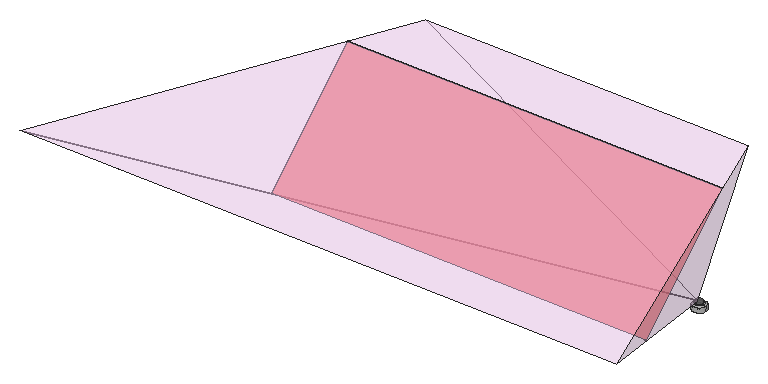
Revit family "Camera-Security-Panasonic-Super_Dynamic-Vandal_Resistant-Waterproof-Dome-Network-S2570LSeriesX", category Security Devices, host Face, Revit 2016
Family settings
  Host = Face
  Maintain Annotation Orientation = No
  Part Type = Normal
  Round Connector Dimension = Use Diameter
  OmniClass Number = 23.85.10.14.11
  OmniClass Title = Cameras
  Cut with Voids When Loaded = No
  Shared = No
  Room Calculation Point = No
Parameters (values of type "WV-S2570L")
  z Zero = 0.000"  # constant formula
  z Yaw Actual [instance] = if(and(On Wall, not(On Ceiling)), Yaw Actual, Yaw Actual + 180.00°)  # 180.00°
  z VV Viewpoint Depth Min = 1.28295"
  z VV Viewpoint Depth Max = 1.28295"
  z VV Viewpoint Depth [instance] = (z VV Viewpoint Depth Max - z VV Viewpoint Depth Min) * z HFOV Ratio + z VV Viewpoint Depth Min  # 1.28295"
  z VV Origin Horizontal Offset [instance] = 0.000"
  z VV Origin HeightX [instance] = 2.42126"  # constant formula
  z VV Origin Height [instance] = if(z Decoration Cover Visible, z Embedded Bottom Offset + z VV Origin HeightX, if(z Base Bracket Visible, z VV Origin HeightX + Base Bracket Height, z VV Origin HeightX))  # 2.42126"
  z VV Origin Angle [instance] = 0.00°
  z Tilt Actual [instance] = Tilt Actual  # 45.00°
  z Pan Actual Safe [instance] = if(Pan Actual = -180.00°, 180.00°, Pan Actual)  # 0.00°
  z Pan Actual [instance] = Pan Actual  # 0.00°
  z Level Offset = 7.87402"  # constant formula
  z HFOV Ratio [instance] = (Horizontal FOV Actual - Horizontal FOV Min) / (Horizontal FOV Max - Horizontal FOV Min)  # 0.16327
  z Dome Radius = Dome Diameter / 2  # 1.65354"
  z Decoration Cover Visible [instance] = Set with Decoration Cover  # no
  z Const Yaw Handle Length = 9.25197"  # constant formula
  z Const Yaw Base2 Length = 17.32283"  # constant formula
  z Const Yaw Base Length = 10.23622"  # constant formula
  z Const Tilt Handle Length = 11.81102"  # constant formula
  z Const Tilt Base2 Length = 19.68504"  # constant formula
  z Const Tilt Base Length = 9.84252"  # constant formula
  z Const Pan Handle Length = 19.48819"  # constant formula
  z Embedded Bottom Offset = -1.68504"
  z Camera Type = 1
  z Camera Top Height [instance] = if(z Decoration Cover Visible, z Level Offset + Base Height + z Embedded Bottom Offset, if(z Base Bracket Visible, z Level Offset + z Camera Bottom Offset + Base Height, z Level Offset + Base Height))  # 10.07874"
  z Camera Radius2 = z Camera Radius * 0.7  # 2.11899"
  z Camera Radius = 3.02714"
  z Camera Center Offset [instance] = 0.000"
  z Camera Bottom Offset [instance] = Base Bracket Height  # 1.41732"
  z Camera Bottom Height [instance] = if(z Base Bracket Visible, z Level Offset + z Camera Bottom Offset, z Level Offset)  # 7.87402"
  z Camera Angle [instance] = 90.00°
  z Base Visible [instance] = not(z Decoration Cover Visible)  # yes
  z Base Bracket Visible [instance] = and(z Camera Type = 1, Has Base Bracket, not(z Decoration Cover Visible))  # no
  WQHD = Resolution : WQHD
  Resolution [instance] = Resolution : HD
  HD = Resolution : HD
  Full HD = Resolution : Full HD
  Decoration Cover Radius = 4.13976"
  Decoration Cover Wall Height = 0.11811"  # constant formula
  Decoration Cover Hole Radius = 1.634"
  Decoration Cover Height = 0.51969"
  4K = Resolution : 4K
  Base Radius = 3.0315"
  z Dome Offset [instance] = 2.20472"
  Yawing Range = "-100 to +100"  # constant formula
  Yaw Min = -100.00°  # constant formula
  Yaw Max = 100.00°  # constant formula
  Yaw Desired [instance] = 0.00°
  Yaw Actual [instance] = if(Yaw Desired > Yaw Max, Yaw Max, if(Yaw Desired < Yaw Min, Yaw Min, Yaw Desired))  # 0.00°
  Wide Dynamic Range = yes
  Weight [instance] = 3.53 lbf
  Water and Dust Resistance = "IP66 (IEC60529), Type 4X(UL50E), NEMA 4X compliant"
  Voltage DC = 12 V  # constant formula
  Vertical FOV Min [instance] = if(and(Aspect Ratio 4_3, not(Aspect Ratio 16_9)), VFOV Min 43, VFOV Min 169)  # 29.00°
  Vertical FOV Max [instance] = if(and(Aspect Ratio 4_3, not(Aspect Ratio 16_9)), VFOV Max 43, VFOV Max 169)  # 55.00°
  Vertical FOV Actual [instance] = z HFOV Ratio * (Vertical FOV Max - Vertical FOV Min) + Vertical FOV Min  # 33.2449°
  Vandal Resistant = yes
  VFOV Min 43 = VFOV Min 169  # 29.00°
  VFOV Min 169 = 29.00°  # constant formula
  VFOV Max 43 = VFOV Max 169  # 55.00°
  VFOV Max 169 = 55.00°  # constant formula
  URL = "http://security.panasonic.com/pss/security/"
  Tilting Range = "-30 to +85"  # constant formula
  Tilt Min = -30.00°  # constant formula
  Tilt Max = 85.00°  # constant formula
  Tilt Desired [instance] = 45.00°
  Tilt Actual [instance] = if(Tilt Desired > Tilt Max, Tilt Max, if(Tilt Desired < Tilt Min, Tilt Min, Tilt Desired))  # 45.00°
  Storage Temperature = Operational Temperature  # "-40 °F to 140 °F"
  Show View Volume [instance] = yes
  Shock Resistance = "50J (IEC 60068-2-75 compliant), IK10 (IEC 62262)"
  Set with Decoration Cover [instance] = no
  Regulatory Compliance = "UL (UL60950-1), c-UL (CSA C22.2 No.60950-1), CE, IEC60950-1, FCC (Part15 ClassA), ICES003 ClassA, EN55032 ClassB, EN55024"
  Provide Feedback = "https://www.surveymonkey.com/s/95FL6QY"
  Product Page URL = "https://security.panasonic.com/products_technology/products/wv-s2570l/"
  Product Material = Paint - Panasonic - Light Gray
  Product Documentation Link = "https://bizpartner.panasonic.net/public/sites/all/modules/panasonic/mypdfurl/pdf.js/web/viewer.html?file=/public/system/files/files/fields/field_file/psd/2019/04/26/WV-S2570L_2A-225AA_1556238318.2655.pdf"
  Power Active = 10.6 W
  Part Number = Model  # "WV-S2570L"
  Part Description = Description  # "Security Camera, Fixed Dome, Network, Super Dynamic  Vandal Resistant  Weatherproof, 4K, WV-S2570L"
  Panning Range = "-180 to +180"
  Pan Min = -180.00°
  Pan Max = 180.00°
  Pan Desired [instance] = 0.00°
  Pan Actual [instance] = if(Pan Desired > Pan Max, Pan Max, if(Pan Desired < Pan Min, Pan Min, Pan Desired))  # 0.00°
  PPM Desired [instance] = 300
  PPM Actual [instance] = if(PPM Desired > 1, PPM Desired, 1)  # 300
  Original Creation Date = "2019/05/14"
  Operational Temperature = "-40 °F to 140 °F"
  Operational Humidity = "10 to 100 % (no condensation)"
  On Wall [instance] = no
  On Ceiling [instance] = yes
  Mounting Positions = "Mount Dependent or Surface Mount"
  Model Disclaimer = "Contact Panasonic for more information"  # constant formula
  Model = "WV-S2570L"
  Minimum Illumination = 0.090 lx  # constant formula
  Manufacturer = "Panasonic"  # constant formula
  Indoor Or Outdoor = "Outdoor"
  IP Or Analog = "IP"  # constant formula
  Horizontal Resolution Actual [instance] = if(and(Aspect Ratio 4_3, not(Aspect Ratio 16_9)), Horizontal Resolution 43, Horizontal Resolution 169)  # 1280
  Horizontal Resolution 43 [instance] = Horizontal Resolution 169  # 1280
  Horizontal Resolution 169 [instance] = if(Resolution = [4K], 3840, if(Resolution = WQHD, 2560, if(Resolution = Full HD, 1920, if(Resolution = HD, 1280, 3840))))  # 1280
  Horizontal FOV Min [instance] = if(and(Aspect Ratio 4_3, not(Aspect Ratio 16_9)), HFOV Min 43, HFOV Min 169)  # 52.00°
  Horizontal FOV Max [instance] = if(and(Aspect Ratio 4_3, not(Aspect Ratio 16_9)), HFOV Max 43, HFOV Max 169)  # 101.00°
  Horizontal FOV Desired [instance] = 60.00°
  Horizontal FOV Actual [instance] = if(Horizontal FOV Desired > Horizontal FOV Max, Horizontal FOV Max, if(Horizontal FOV Desired < Horizontal FOV Min, Horizontal FOV Min, Horizontal FOV Desired))  # 60.00°
  Height = 5.47244"
  Has POE = yes
  Has Base Bracket [instance] = no
  HFOV Min 43 = HFOV Min 169  # 52.00°
  HFOV Min 169 = 52.00°  # constant formula
  HFOV Max 43 = HFOV Max 169  # 101.00°
  HFOV Max 169 = 101.00°  # constant formula
  Family Version = "1.0.0"  # constant formula
  Equipment Number [instance] = ""
  Equipment Abbreviation = "SC"
  Dome Diameter = 3.30709"
  Dome Bottom Offset = 0.19685"
  Distance to Screen [instance] = 393.70079"
  Distance to PPM Target [instance] = if(PPM Actual = 0, 0.000", 39.37008" * Horizontal Resolution Actual / (PPM Actual * 2 * tan(Horizontal FOV Actual / 2)))  # 145.47408"
  Distance to Floor [instance] = 118.11024"
  Distance to Ceiling [instance] = 0.000"
  Diameter = 6.45669"
  Description = "Security Camera, Fixed Dome, Network, Super Dynamic  Vandal Resistant  Weatherproof, 4K, WV-S2570L"
  Default Elevation = 0.000"
  Day Or Night = "Yes"  # constant formula
  Date Last Modified = "2019/05/14"
  Copyright = "Copyright © Panasonic"  # constant formula
  Communication Ports = "10Base-T / 100Base-TX, RJ45 connector"  # constant formula
  Base Bracket Height = 1.41732"
  Base Height = 2.20472"
  Audio Out = "Yes"  # constant formula
  Audio In = "Yes"  # constant formula
  Aspect169 = yes
  Aspect Ratio 4_3 [instance] = not(Aspect169)  # no
  Aspect Ratio 16_9 [instance] = Aspect169  # yes
  Angle Of View = "101"
  Alarm Input Or Output Specification = "ALARM IN 1(Alarm input 1/ Black & white input/ Auto time adjustment input) (x1), ALARM IN 2 (Alarm input 2/ ALARM OUT) (x1) , ALARM IN 3 (Alarm input 3/ AUX OUT) (x1)"  # constant formula
  Accessory Part Number [instance] = if(and(Set with Decoration Cover, z Camera Type = 0), "WV-Q174B", if(and(Set with Decoration Cover, z Camera Type = 1), "WV-Q169A", "Select a Mounting Option"))  # "Select a Mounting Option"
Types (2): name | z VV Viewpoint Depth Min | z VV Viewpoint Depth Max | z VV Viewpoint Depth | z Dome Radius | z Embedded Bottom Offset | z Camera Type | z Camera Radius2 | z Camera Radius | Resolution | Decoration Cover Radius | Decoration Cover Hole Radius | Decoration Cover Height | Base Radius | Weight | Water and Dust Resistance | Storage Temperature | Shock Resistance | Product Page URL | Product Material | Product Documentation Link | Power Active | Part Number | Part Description | Panning Range | Pan Min | Pan Max | Operational Temperature | Operational Humidity | Mounting Positions | Model | Indoor Or Outdoor | Horizontal Resolution Actual | Horizontal Resolution 43 | Horizontal Resolution 169 | Height | Dome Diameter | Distance to PPM Target | Diameter | Description
  WV-S2570L | 1.28295" | 1.28295" | 1.28295" | 1.65354" | -1.68504" | 1 | 2.11899" | 3.02714" | Resolution : HD | 4.13976" | 1.634" | 0.51969" | 3.0315" | 3.53 lbf | "IP66 (IEC60529), Type 4X(UL50E), NEMA 4X compliant" | "-40 °F to 140 °F" | "50J (IEC 60068-2-75 compliant), IK10 (IEC 62262)" | "https://security.panasonic.com/products_technology/products/wv-s2570l/" | Paint - Panasonic - Light Gray | "https://bizpartner.panasonic.net/public/sites/all/modules/panasonic/mypdfurl/pdf.js/web/viewer.html?file=/public/system/files/files/fields/field_file/psd/2019/04/26/WV-S2570L_2A-225AA_1556238318.2655.pdf" | 10.6 W | "WV-S2570L" | "Security Camera, Fixed Dome, Network, Super Dynamic  Vandal Resistant  Weatherproof, 4K, WV-S2570L" | "-180 to +180" | -180.00° | 180.00° | "-40 °F to 140 °F" | "10 to 100 % (no condensation)" | "Mount Dependent or Surface Mount" | "WV-S2570L" | "Outdoor" | 1280 | 1280 | 1280 | 5.47244" | 3.30709" | 145.47408" | 6.45669" | "Security Camera, Fixed Dome, Network, Super Dynamic  Vandal Resistant  Weatherproof, 4K, WV-S2570L"
  WV-S2270L | 1.28244" | 1.28244" | 1.28244" | 1.63386" | -1.67323" | 0 | 1.78445" | 2.54921" | Resolution : 4K | 3.66142" | 1.63386" | 0.61811" | 2.54921" | 1.72 lbf | "N/A" | "14 °F to 122 °F" | "IK10 (IEC 62262)" | "https://security.panasonic.com/products_technology/products/wv-s2270l/documentation_database/" | Paint - Panasonic - Sail White | "https://bizpartner.panasonic.net/public/sites/all/modules/panasonic/mypdfurl/pdf.js/web/viewer.html?file=/public/system/files/files/fields/field_file/psd/2019/04/26/WV-S2270L_2A-226AA_1556238004.5315.pdf" | 9.2 W | "WV-S2270L" | "Security Camera, Fixed Dome, Network, Super Dynamic , 4K, WV-S2270L" | "-240 to +120" | -240.00° | 120.00° | "14 °F to 122 °F" | "10 to 90 % (no condensation)" | "Surface Mount" | "WV-S2270L" | "Indoor" | 3840 | 3840 | 3840 | 4.03543" | 3.26772" | 436.42225" | 5.09843" | "Security Camera, Fixed Dome, Network, Super Dynamic , 4K, WV-S2270L"
Reference planes (in)
  plane 1 "Center (Front/Back)": y = 0
  plane 2: z = 0
  plane 3 "Center (Left/Right)": x = 0
  plane 4 "Body Bottom": z = 0
  plane 5: y = 0
  plane 6 "Level Offset": z = -7.87402
  plane 7 "BP": z = 2.42126
  plane 8: z = 2.20472
  plane 9: z = 2.40157
  plane 10: z = 4.05512
Forms (in)
  Revolve 1, solid, material "Paint - Panasonic - Light Gray" <- "Product Material"
    sketch origin (0, 0, 0) x (0, 0, 1) y (1, 0, 0)
      loop
        line (0.00001, 3.02714) -> (0.00001, 0) -> (2.20472, 0) -> (2.20472, 2.11899) -> (1.70472, 2.87799) -> (0.00001, 3.02714)
      axis (2.20472, 0) -> (0.00001, 0)
    angle from 0 to 360
  Revolve 2, solid, material "Glass - Panasonic - Black"
    sketch origin (0, 0, 0) x (0, 1, 0) y (0, 0, 1)
      loop
        arc (1.65354, 2.40157) -> (1.16923, 3.57081) -> (0, 4.05512) r 1.65354
        line (0, 4.05512) -> (0, 2.20472) -> (1.65354, 2.20472) -> (1.65354, 2.40157)
      axis (0, 2.20472) -> (0, 4.05512)
    angle from 0 to 360
  Extrusion 3, solid
    sketch origin (0, 0, 0) x (1, 0, 0) y (0, 1, 0)
      loop
        circle (0, 0) r 0.3937
    from 0 to 0.3937
Lines and regions (in)
  reference lines
    curve 1: line (0, 0, 0) -> (0, 0, 2.20472)
    curve 2: line (0, -1, 10.89222) -> (0, 1, 10.89222)
  symbolic lines, not visible
    curve 3: line (-1.15, -2.6875, 0) -> (1.15, -2.6875, 0)
Dimensions and locks (in)
  "z Camera Center Offset": plane 5 to plane 1 "Center (Front/Back)"
  "z Level Offset": level to plane 6 "Level Offset"
  "z Camera Bottom Height": plane 4 "Body Bottom" to plane 6 "Level Offset"
  "z VV Origin Height": plane 7 "BP" to level
  "z Camera Top Height": plane 8 to plane 6 "Level Offset"
  "Dome Bottom Offset": plane 8 to plane 9
  "z Dome Radius": plane 10 to plane 9
  "z Camera Radius": Revolve 1 sketch curve to plane 3 "Center (Left/Right)"
  locked: Revolve 1 sketch curve to Revolve 1 sketch curve at 0.5
  "z Camera Radius2": Revolve 1 sketch curve to plane 3 "Center (Left/Right)"
  "z Dome Radius": radius of Revolve 2 sketch curve
  "z Camera Angle": angle curve 1 to plane 4 "Body Bottom"
  locked: Revolve 1 sketch curve to Revolve 1 sketch curve (angle 85.00°)
  aligned and locked: plane 2 to host face
  aligned and locked: level to host face
  aligned and locked: plane 5 to curve 1
  aligned and locked: nested 1 to plane 3 "Center (Left/Right)"
  aligned and locked: nested 1 to plane 1 "Center (Front/Back)"
  aligned and locked: plane 8 to Revolve 1 sketch curve
Automatic sketch dimensions
  host sketch curve to host sketch curve = 96.000"  (x2)
  curve 3 to plane 3 "Center (Left/Right)" = 1.150"
  plane 3 "Center (Left/Right)" to curve 3 = 1.150"
  curve 1 to curve 2 = 1.000"
  curve 1 to curve 2 = 8.6875"
  curve 2 to curve 1 = 1.000"
  plane 1 "Center (Front/Back)" to curve 3 = 2.6875"
  Revolve 2 sketch curve to plane 1 "Center (Front/Back)" = 0.000"
  Revolve 2 sketch curve to plane 9 = 0.000"
  plane 8 to Revolve 2 sketch curve = 0.000"
  Revolve 2 sketch curve to plane 10 = 0.000"
  plane 1 "Center (Front/Back)" to Extrusion 3 sketch curve = 0.000"
  Extrusion 3 sketch curve to plane 3 "Center (Left/Right)" = 0.000"
  curve 1 to level = 0.000"
  Revolve 1 sketch curve to plane 3 "Center (Left/Right)" = 0.000"  (x2)
  level to Revolve 1 sketch curve = 0.00001"
  Revolve 1 sketch curve to level = 0.45341"
  plane 7 "BP" to Revolve 1 sketch curve = 0.01657"
  radius of Extrusion 3 sketch curve = 0.3937"
Nested families (in)
  nested 1: "Camera-Security-Panasonic-ViewVolumePTYZ" at (0, 0, 2.42126), Viewpoint Depth <- "z VV Viewpoint Depth", Base Height Offset <- "z VV Origin Height", Base Angle Offset <- "z VV Origin Angle", Viewpoint Origin Horizontal Offset <- "z VV Origin Horizontal Offset", Yaw <- "Yaw Actual", Tilt <- "Tilt Actual", Pan <- "Pan Actual", HFOV <- "Horizontal FOV Actual", VFOV <- "Vertical FOV Actual", On Wall <- "On Wall", On Ceiling <- "On Ceiling", Screen Depth <- "Distance to Screen", Floor Distance <- "Distance to Floor", Ceiling Distance <- "Distance to Ceiling", Target Depth <- "Distance to PPM Target", visible <- "Show View Volume", type "Camera-Security-Panasonic-ViewVolumePTYZ"
    with z Yaw Actual 0.00°, z Void Width 1249.41651", z Void Thickness 397.405", z Void Height Start -624.70826", z Void Height End 624.70826", z Void Direction 0, z Void Angle 0.00°, z Viewpoint Depth 1.28295", z Tilt Actual 45.00°, z Target Width 167.979", z Target Visible yes, z Target Height 86.85956", z Target Depth 146.75704", z Screen Width 454.60651", z Screen Height 235.07057", z Screen Depth 394.98374", z Pan Actual 0.00°, z Floor Distance 118.11024", z Ceiling Distance 0.000", Yaw 0.00°, Viewpoint Origin Horizontal Offset 0.000", Viewpoint Depth 1.28295", VFOV 33.2449°, Tilt 45.00°, Target Depth 145.47408", Screen Depth 393.70079", Pan 0.00°, On Wall no, On Floor no, On Default Mount Type 0, On Ceiling yes, HFOV 60.00°, Floor Distance 118.11024", Ceiling Distance 0.000", Base Height Offset 2.42126", Base Angle Offset 0.00°
  nested 2: "Base Bracket" at (0, 0, 0), visible <- "z Base Bracket Visible", Base Bracket Height <- "Base Bracket Height", Visible <- "z Base Bracket Visible", Product Material <- "Product Material", type "Base Bracket"
    with Visible no, Product Material Paint - Panasonic - Light Gray, Inner Diameter 3.14961", Base Bracket Height 1.41732", Base Bracket Diameter 3.22835"
  nested 3: "Decoration Cover" at (0, 0, 0), visible <- "z Decoration Cover Visible", Product Material <- "Product Material", Decoration Cover Radius <- "Decoration Cover Radius", Decoration Cover Height <- "Decoration Cover Height", Hole Radius <- "Decoration Cover Hole Radius", Wall Height <- "Decoration Cover Wall Height", type "Decoration Cover"
    with Wall Height 0.11811", Top Ring Width 0.41398", Product Material Paint - Panasonic - Light Gray, Hole Radius 1.634", Decoration Cover Radius 4.13976", Decoration Cover Height 0.51969"
Connectors (in)
  electrical at (0, 0, 0), driven by "Power Active", driven by "Voltage DC"
    settings: on host face, index 3, voltage 12 V, apparent load 10.6 W, apparent load phase1 0.0 W, apparent load phase2 0.0 W, apparent load phase3 0.0 W, power factor 1, load classification "Other", number of poles 1, system type 30, power factor state 1, is connector primary yes, connector utility no, sub classification motor no, connector description "Electrical Connection"
  electrical at (0, 0, 0)
    settings: on Extrusion 3, index 5, voltage 0 V, apparent load 0.0 W, apparent load phase1 0.0 W, apparent load phase2 0.0 W, apparent load phase3 0.0 W, power factor 1, load classification "Other", number of poles 1, system type 5, power factor state 1, is connector primary no, connector utility no, sub classification motor no, connector description "Data Connection"
Definition of nested family "Camera-Security-Panasonic-ViewVolumePTYZ"
  Parameters
    z Yaw Actual [instance] = if(Yaw < 0.00°, 360.00° - (abs(Yaw) - rounddown(abs(Yaw) / 360.00°) * 360.00°), Yaw - rounddown(Yaw / 360.00°) * 360.00°)  # 0.00°
    z Void Width [instance] = if(z Screen Width > z Screen Height, z Screen Width, z Screen Height) + abs(Viewpoint Origin Horizontal Offset) + z Void Thickness * 2  # 1265.63013"
    z Void Thickness [instance] = z Screen Depth + abs(Base Height Offset)  # 405.51181"
    z Void Height Start [instance] = -z Void Width / 2  # -632.81507"
    z Void Height End [instance] = z Void Width / 2  # 632.81507"
    z Void Direction [instance] = if((if(On Wall, 1, 0) + if(On Floor, 1, 0) + if(On Ceiling, 1, 0)) = 1, if(On Ceiling, 0, if(On Wall, 1, 2)), On Default Mount Type)  # 0
    z Viewpoint Depth [instance] = if(Viewpoint Depth < 0.03937", 0.03937", Viewpoint Depth)  # 5.90551"
    z Tilt Actual [instance] = if(Tilt < 0.00°, 360.00° - (abs(Tilt) - rounddown(abs(Tilt) / 360.00°) * 360.00°), Tilt - rounddown(Tilt / 360.00°) * 360.00°)  # 45.00°
    z Target Visible [instance] = not(Screen Depth < Target Depth)  # yes
    z Target Thickness Start = -z Target Thickness / 2  # -0.03937"
    z Target Thickness End = z Target Thickness / 2  # 0.03937"
    z Target Depth [instance] = Target Depth + Viewpoint Depth  # 84.64567"
    z Pan Actual [instance] = if(Pan < 0.00°, 360.00° - (abs(Pan) - rounddown(abs(Pan) / 360.00°) * 360.00°), Pan - rounddown(Pan / 360.00°) * 360.00°)  # 0.00°
    z Floor Distance [instance] = if(z Void Direction = 2, if(Floor Distance < 0.000", 0.000", Floor Distance), if(Floor Distance < 0.3937", 0.3937", Floor Distance))  # 118.11024"
    z Const Yaw Base2 Length = 17.32283"  # constant formula
    z Const Tilt Base2 Length = 19.68504"  # constant formula
    z Ceiling Distance [instance] = if(z Void Direction = 2, if(Ceiling Distance < 0.3937", 0.3937", Ceiling Distance), if(Ceiling Distance < 0.000", 0.000", Ceiling Distance))  # 0.000"
    z Const Void Handle Length = 23.62205"  # constant formula
    z Void Angle [instance] = if(z Void Direction = 0, 0.00° + Base Angle Offset, if(z Void Direction = 1, 90.00° + Base Angle Offset, 180.00° + Base Angle Offset))  # 0.00°
    z Screen Depth [instance] = if(Screen Depth < 3.93701", 3.93701" + Viewpoint Depth, Screen Depth + Viewpoint Depth)  # 399.6063"
    Original Creation Date = "September, 15, 2016"  # constant formula
    On Default Mount Type [instance] = 0
    Manufacturer = "Panasonic"  # constant formula
    Family Version = "1.0.0"  # constant formula
    Default Elevation = 48.000"
    Date Last Modified = "September, 15, 2016"  # constant formula
    Copyright = "Copyright © Panasonic"  # constant formula
    Base Height Offset [instance] = 5.90551"
    Base Angle Offset [instance] = 0.00°
    z Viewpoint Width = 0.03937"  # constant formula
    z Viewpoint Height = 0.03937"  # constant formula
    VFOV [instance] = 33.75°
    z Target Width [instance] = Target Depth * tan(HFOV / 2) * 2  # 90.9213"
    z Target Thickness = 0.07874"  # constant formula
    z Target Height [instance] = Target Depth * tan(VFOV / 2) * 2  # 47.77113"
    Target Depth [instance] = 78.74016"
    z Screen Width [instance] = (z Screen Depth - Viewpoint Depth) * tan(HFOV / 2) * 2  # 454.60651"
    z Screen Height [instance] = (z Screen Depth - Viewpoint Depth) * tan(VFOV / 2) * 2  # 238.85566"
    Screen Depth [instance] = 393.70079"
    z Const Yaw Handle Length = 9.25197"  # constant formula
    z Const Yaw Base Length = 10.23622"  # constant formula
    Viewpoint Depth [instance] = 5.90551"
    Viewpoint Origin Horizontal Offset [instance] = 0.000"
    z Const Tilt Handle Length = 14.17323"  # constant formula
    z Const Tilt Base Length = 9.84252"  # constant formula
    z Const Pan Handle Length = 19.68504"  # constant formula
    z Const Pan Axis Length = 15.74803"  # constant formula
    On Wall [instance] = no
    On Floor [instance] = no
    On Ceiling [instance] = yes
    HFOV [instance] = 60.00°
    Yaw [instance] = 0.00°
    Tilt [instance] = 45.00°
    Pan [instance] = 0.00°
    Floor Distance [instance] = 118.11024"
    Ceiling Distance [instance] = 0.000"
  Reference planes (in)
    plane 1 "Center (Front/Back)": y = 0
    plane 2: z = 0
    plane 3 "Center (Left/Right)": x = 0
    plane 4 "VoidOffsetBase": z = -5.90551
  Forms (in)
    Extrusion 1, void
      sketch origin (0, 0, -5.90551) x (0, 0, 1) y (0, -1, 0)
        loop
          line (523.62205, 632.81507) -> (118.11024, 632.81507) -> (118.11024, -632.81507) -> (523.62205, -632.81507) -> (523.62205, 632.81507)
        loop
          line (0, 632.81507) -> (-405.51181, 632.81507) -> (-405.51181, -632.81507) -> (0, -632.81507) -> (0, 632.81507)
      from -632.81507 <- "z Void Height Start" to 632.81507 <- "z Void Height End"
    Blend 2, solid
      base sketch origin (0, -4.17583, 4.17583) x (0, 0.707107, 0.707107) y (-1, 0, 0)
        loop
          line (-0.01969, -0.01969) -> (0.01969, -0.01969) -> (0.01969, 0.01969) -> (-0.01969, 0.01969) -> (-0.01969, -0.01969)
      top sketch origin (0, -282.56432, 282.56432) x (0, 0.707107, 0.707107) y (-1, 0, 0)
        loop
          line (-119.42783, -227.30326) -> (119.42783, -227.30326) -> (119.42783, 227.30326) -> (-119.42783, 227.30326) -> (-119.42783, -227.30326)
      from 0 to 0
    Extrusion 3, solid, visible <- "z Target Visible"
      sketch origin (0, -59.85353, 59.85353) x (0, 0.707107, 0.707107) y (-1, 0, 0)
        loop
          line (-23.88557, -45.46065) -> (23.88557, -45.46065) -> (23.88557, 45.46065) -> (-23.88557, 45.46065) -> (-23.88557, -45.46065)
      from -0.03937 <- "z Target Thickness Start" to 0.03937 <- "z Target Thickness End"
  Cuts and joins
    Extrusion 1 cuts Blend 2
    Extrusion 1 cuts Extrusion 3
  Lines and regions (in)
    reference lines
      curve 1: line (0, 0, 0) -> (19.68504, 0, 0)
      curve 2: line (0, 0, -15.74803) -> (0, 0, 0)
      curve 3: line (0, 0, 0) -> (0, -9.84252, 0)
      curve 4: line (0, 0, 0) -> (0, 0, 19.68504)
      curve 5: line (0, -10.02199, 10.02199) -> (0, 0, 0)
      curve 6: line (0, 0, 0) -> (0, 7.2381, 7.2381)
      curve 7: line (0, 0, 0) -> (-17.32283, 0, 0)
      curve 8: line (0, 0, 0) -> (-9.25197, 0, 0)
      curve 9: line (0, -4.17583, 4.17583) -> (0, 0, 0)
      curve 10: line (0, 0, 0) -> (0, -59.85353, 59.85353)
      curve 11: line (0, 0, 0) -> (0, -282.56432, 282.56432)
      curve 12: line (-0.01969, -4.16191, 4.18975) -> (0.01969, -4.16191, 4.18975)
      curve 13: line (-0.01969, -4.18975, 4.16191) -> (0.01969, -4.18975, 4.16191)
      curve 14: line (-0.01969, -4.16191, 4.18975) -> (-0.01969, -4.18975, 4.16191)
      curve 15: line (0.01969, -4.16191, 4.18975) -> (0.01969, -4.18975, 4.16191)
      curve 16: line (-45.46065, -42.96388, 76.74317) -> (45.46065, -42.96388, 76.74317)
      curve 17: line (-45.46065, -76.74317, 42.96388) -> (45.46065, -76.74317, 42.96388)
      curve 18: line (-45.46065, -42.96388, 76.74317) -> (-45.46065, -76.74317, 42.96388)
      curve 19: line (45.46065, -42.96388, 76.74317) -> (45.46065, -76.74317, 42.96388)
      curve 20: line (-227.30326, -198.1161, 367.01255) -> (-227.30326, -367.01255, 198.1161)
      curve 21: line (227.30326, -198.1161, 367.01255) -> (227.30326, -367.01255, 198.1161)
      curve 22: line (-227.30326, -198.1161, 367.01255) -> (227.30326, -198.1161, 367.01255)
      curve 23: line (-227.30326, -367.01255, 198.1161) -> (227.30326, -367.01255, 198.1161)
      curve 24: line (0, 0, -5.90551) -> (0, 0, 17.71654)
      curve 25: line (0, -632.81507, 517.71654) -> (0, 632.81507, 517.71654)
      curve 26: line (0, -632.81507, 112.20472) -> (0, -632.81507, 517.71654)
      curve 27: line (0, 632.81507, 112.20472) -> (0, -632.81507, 112.20472)
      curve 28: line (0, 632.81507, 517.71654) -> (0, 632.81507, 112.20472)
      curve 29: line (0, -632.81507, -5.90551) -> (0, 632.81507, -5.90551)
      curve 30: line (0, -632.81507, -411.41732) -> (0, -632.81507, -5.90551)
      curve 31: line (0, 632.81507, -411.41732) -> (0, -632.81507, -411.41732)
      curve 32: line (0, 632.81507, -5.90551) -> (0, 632.81507, -411.41732)
  Dimensions and locks (in)
    "z Const Pan Handle Length": curve 1 to curve 1
    "z Const Pan Axis Length": curve 2 to curve 2
    "z Const Tilt Base Length": curve 3 to curve 3
    "z Const Pan Axis Length": curve 1 to curve 2
    "Viewpoint Origin Horizontal Offset": curve 4 to curve 2
    "z Const Tilt Base2 Length": curve 4 to curve 4
    "z Const Tilt Handle Length": curve 5 to curve 5
    "z Const Yaw Base Length": curve 6 to curve 6
    "z Const Yaw Base2 Length": curve 7 to curve 7
    "z Const Yaw Handle Length": curve 8 to curve 8
    "z Viewpoint Depth": curve 9 to curve 9
    "z Target Depth": curve 10 to curve 10
    "z Screen Depth": curve 11 to curve 11
    equal spacing: curve 13, curve 9, curve 12
    "z Viewpoint Height": curve 13 to curve 12
    equal spacing: curve 14, curve 9, curve 15
    "z Viewpoint Width": curve 14 to curve 15
    equal spacing: curve 17, curve 10, curve 16
    "z Target Height": curve 17 to curve 16
    equal spacing: curve 18, curve 10, curve 19
    "z Target Width": curve 18 to curve 19
    equal spacing: curve 20, curve 11, curve 21
    "z Screen Width": curve 20 to curve 21
    equal spacing: curve 23, curve 11, curve 22
    "z Screen Height": curve 23 to curve 22
    "z Const Void Handle Length": curve 24 to curve 24
    equal spacing: curve 26, curve 24, curve 28
    "z Void Width": curve 26 to curve 28
    "z Floor Distance": curve 27 to curve 24
    "z Ceiling Distance": curve 29 to curve 24
    "z Void Thickness": curve 31 to curve 29
    "z Void Thickness": curve 25 to curve 27
    "Base Height Offset": level to plane 4 "VoidOffsetBase"
    locked: curve 3 to curve 2 (angle 90.00°)
    locked: curve 3 to curve 4 (angle 90.00°)
    "z Tilt Actual": angle curve 4 to curve 5
    locked: curve 6 to curve 7 (angle 90.00°)
    locked: curve 6 to curve 5 (angle 90.00°)
    locked: curve 9 to curve 5 (angle 0.00°)
    locked: curve 10 to curve 5 (angle 0.00°)
    locked: curve 11 to curve 5 (angle 0.00°)
    "z Void Angle": angle plane 1 "Center (Front/Back)" to curve 24
    "z Yaw Actual": angle curve 7 to curve 8
    "z Pan Actual": angle plane 1 "Center (Front/Back)" to curve 1
    aligned and locked: level to plane 2
    aligned and locked: curve 2 to curve 1
    aligned and locked: curve 2 to curve 3
    aligned and locked: curve 3 to curve 2
    aligned and locked: curve 3 to curve 5
    aligned and locked: curve 6 to curve 7
    aligned and locked: curve 6 to curve 8
    aligned and locked: curve 8 to curve 7
    aligned and locked: curve 7 to curve 6
    aligned and locked: curve 5 to curve 11
    aligned and locked: curve 11 to curve 8
    aligned and locked: curve 12 to curve 15
    aligned and locked: curve 15 to curve 15
    aligned and locked: curve 14 to curve 14
    aligned and locked: curve 13 to curve 15
    aligned and locked: curve 16 to curve 19
    aligned and locked: curve 18 to curve 18
    aligned and locked: curve 17 to curve 19
    aligned and locked: curve 22 to curve 22
    aligned and locked: curve 21 to curve 23
    aligned and locked: curve 20 to curve 23
    aligned and locked: curve 23 to curve 23
    aligned and locked: plane 1 "Center (Front/Back)" to curve 24
    aligned and locked: curve 30 to curve 26
    aligned and locked: curve 28 to curve 32
    aligned and locked: Extrusion 1 sketch curve to curve 25
    aligned and locked: Extrusion 1 sketch curve to curve 26
    aligned and locked: Extrusion 1 sketch curve to curve 27
    aligned and locked: Extrusion 1 sketch curve to curve 28
    aligned and locked: Extrusion 1 sketch curve to curve 29
    aligned and locked: Extrusion 1 sketch curve to curve 30
    aligned and locked: Extrusion 1 sketch curve to curve 31
    aligned and locked: Extrusion 1 sketch curve to curve 32
    aligned and locked: Extrusion 1 sketch curve to Extrusion 1 sketch curve  (x8)
    aligned and locked: Blend 2 sketch curve to curve 15
    aligned and locked: Blend 2 sketch curve to curve 13
    aligned and locked: Blend 2 sketch curve to curve 14
    aligned and locked: Blend 2 sketch curve to curve 12
    aligned and locked: Blend 2 sketch curve to Blend 2 sketch curve  (x8)
    aligned and locked: Blend 2 sketch curve to curve 21
    aligned and locked: Blend 2 sketch curve to curve 23
    aligned and locked: Blend 2 sketch curve to curve 20
    aligned and locked: Blend 2 sketch curve to curve 22
    aligned and locked: Extrusion 3 sketch curve to curve 19
    aligned and locked: Extrusion 3 sketch curve to curve 17
    aligned and locked: Extrusion 3 sketch curve to curve 18
    aligned and locked: Extrusion 3 sketch curve to curve 16
    aligned and locked: Extrusion 3 sketch curve to Extrusion 3 sketch curve  (x4)
    aligned and locked: plane 3 "Center (Left/Right)" to curve 1
    aligned and locked: plane 1 "Center (Front/Back)" to curve 1
    aligned and locked: level to curve 2
    aligned and locked: plane 4 "VoidOffsetBase" to curve 24
  Automatic sketch dimensions
    curve 6 to curve 5 = 0.000"
    curve 6 to curve 5 = 10.23622"
Definition of nested family "Decoration Cover"
  Parameters (values of type "Decoration Cover")
    Wall Height [instance] = 0.11811"
    Top Ring Width [instance] = Decoration Cover Radius / 10  # 0.36614"
    Product Material [instance] = none
    Hole Radius [instance] = 1.65354"
    Default Elevation = 48.000"
    Decoration Cover Height [instance] = 0.61811"
    Decoration Cover Radius [instance] = 3.66142"
  Reference planes (in)
    plane 1 "Center (Front/Back)": y = 0
    plane 2: z = 0
    plane 3 "Center (Left/Right)": x = 0
    plane 4: y = 3.66142
    plane 5: z = 0.61811
    plane 6: z = 0.11811
    plane 7: y = 1.65354
    plane 8: y = 2.01969
  Forms (in)
    Extrusion 1, solid
      sketch origin (0, 0, 0) x (1, 0, 0) y (0, 1, 0)
        loop
          line (-48, 48) -> (-48, -48) -> (48, -48) -> (48, 48) -> (-48, 48)
      from 0 to -12
    Revolve 2, solid, material <- "Product Material"
      sketch origin (0, 0, 0) x (0, 1, 0) y (0, 0, 1)
        loop
          line (2.01969, 0.61811) -> (1.65354, 0.61811) -> (1.65354, 0) -> (3.66142, 0) -> (3.66142, 0.11811) -> (2.01969, 0.61811)
        axis (0, 0) -> (0, 0.61811)
      angle from 0 to 360
  Dimensions and locks (in)
    "Decoration Cover Radius": plane 1 "Center (Front/Back)" to plane 4
    "Decoration Cover Height": plane 5 to level
    "Hole Radius": plane 1 "Center (Front/Back)" to plane 7
    "Top Ring Width": plane 7 to plane 8
    "Wall Height": plane 6 to level
    aligned and locked: plane 2 to Extrusion 1
    aligned and locked: level to Extrusion 1
    aligned and locked: Revolve 2 sketch curve to plane 4
    aligned and locked: plane 8 to Revolve 2 sketch curve
  Automatic sketch dimensions
    Extrusion 1 sketch curve to Extrusion 1 sketch curve = 96.000"  (x2)
    Revolve 2 sketch curve to plane 1 "Center (Front/Back)" = 0.000"
    Revolve 2 sketch curve to level = 0.000"
    Revolve 2 sketch curve to plane 7 = 0.000"
    Revolve 2 sketch curve to plane 6 = 0.000"
    Revolve 2 sketch curve to plane 5 = 0.000"
    Revolve 2 sketch curve to level = 24.000"
    plane 5 to Revolve 2 sketch curve = 91.65775"
